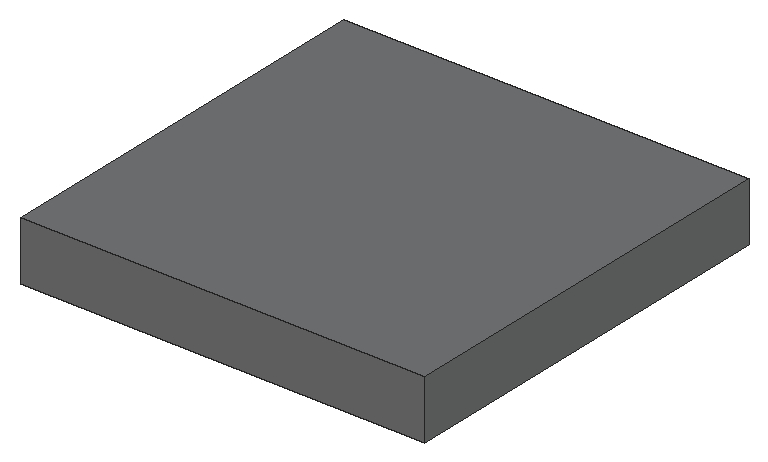
Revit family "Gira_027203", category Electrical Fixtures, host Face, Revit 2017
Family settings
  Host = Face
  Maintain Annotation Orientation = No
  Round Connector Dimension = Use Diameter
  Part Type = Normal
  Cut with Voids When Loaded = No
  Shared = No
  Room Calculation Point = No
Parameters (values of type "Cov. sup.ring devices Ø 22.5 mm System 55 p.white")
  With strain relief = "No"
  With imprint = "No"
  With hinged lid = "No"
  With dust cover = "No"
  Utilization = "Other"
  URL = "http://katalog.gira.de/en/datenblatt.html?artikelnr=027203"
  Type of fastening = "Mounting with screw"
  Transparent = "No"
  Surface protection = "Other"
  Surface finishing = "Glossy"
  Support ring = "Yes"
  Suitable for degree of protection (IP) = "IP20"
  RAL-number (akin) = "9010"
  Name = "Cov. sup.ring devices Ø 22.5 mm System 55 p.white"
  Mounting method = "Flush mounted (plaster)"
  Material quality = "Thermoplastic"
  Material = "Plastic"
  Manufacturer URL = "https://www.gira.de/"
  Manufacturer = "Gira"
  Luster terminal = "No"
  Keynote = ""
  Imprintable label = "Without indication field"
  HeinzeBIM = "https://bimportal.heinze.de/bim/cov-sup-ring-devices-22-5-mm-system-55-p-white/ce3b39d5a8f7a2b154c2d98e00cdf3a382822095"
  Halogen free = "Yes"
  HAN = "027203"
  GTIN = "4010337272038"
  Description = "Cov.sup.r.devices D22.5mm Sys55 PW,Cover plate with support ring for the insertion of command and signal devices (diameter  22.5 mm),,pure white glossy,Notes :,- For screw mounting only.,- For push buttons, slam buttons, key buttons, non-latching buttons, illuminated buttons, and mushroom buttons, selector switches, and signal lights, e.g. from Lumitas, Rafi, Elan, or Fanal."
  Default Elevation = 1219.2 mm
  Data sheet (1) = "https://katalog.gira.de/en/download.html?artikelnr=027203"
  Colour = "White"
  Category = "Insert/cover for communication technology"
  BIM (1) = "https://media.stage.bim.site/public/gira/36a6b08/Sys55_Abdeckung_Schalten und Tasten.rfa?public/gira/36a6b08/Sys55_Abdeckung_Schalten und Tasten.rfa"
  Available = "No"
  Assembly arrangement = "Central cover plate"
  Anthrazit [instance] = Anthrazit
Reference planes
  plane 1 "Center (Front/Back)": y = 0
  plane 2: z = 0
  plane 3 "Center (Left/Right)": x = 0
Forms (mm)
  Extrusion 1, solid, material "Anthrazit" <- "Anthrazit", detail levels fine
    sketch origin (0, 0, 0) x (1, 0, 0) y (0, 1, 0)
      loop
        line (-27.5, 27.5) -> (-27.5, -27.5) -> (27.5, -27.5) -> (27.5, 27.5) -> (-27.5, 27.5)
    from 0 to 8
  Extrusion 2, void
    sketch origin (0, 0, 0) x (1, 0, 0) y (0, 1, 0)
      loop
        line (26, 26) -> (-26, 26) -> (-26, -26) -> (26, -26) -> (26, 26)
    from 0 to 6
  Extrusion 3, solid, material "Anthrazit" <- "Anthrazit", detail levels medium
    sketch origin (0, 0, 0) x (1, 0, 0) y (0, 1, 0)
      loop
        line (-27.5, 27.5) -> (-27.5, -27.5) -> (27.5, -27.5) -> (27.5, 27.5) -> (-27.5, 27.5)
    from 0 to 8
  Extrusion 4, solid, material "Anthrazit" <- "Anthrazit", detail levels medium
    sketch origin (0, 0, 0) x (1, 0, 0) y (0, 1, 0)
      loop
        line (11, -17.5) -> (11, 17.5) -> (-11, 17.5) -> (-11, -17.5) -> (11, -17.5)
    from -6 to 6
  Extrusion 5, solid, material "Anthrazit" <- "Anthrazit", detail levels fine
    sketch origin (0, 0, 0) x (1, 0, 0) y (0, 1, 0)
      loop
        line (11, 17.5) -> (-11, 17.5) -> (-11, 16.5) -> (11, 16.5) -> (11, 17.5)
      loop
        line (-11, -16.5) -> (-11, -17.5) -> (11, -17.5) -> (11, -16.5) -> (-11, -16.5)
    from -4 to 6
  Extrusion 6, solid, material "Anthrazit" <- "Anthrazit", detail levels fine
    sketch origin (0, 0, 0) x (1, 0, 0) y (0, 1, 0)
      loop
        arc (5, 9.347) -> (0, 10.6) -> (-5, 9.347) r 10.6
        line (-5, 9.347) -> (-5, -9.347)
        arc (-5, -9.347) -> (0, -10.6) -> (5, -9.347) r 10.6
        line (5, -9.347) -> (5, 9.347)
    from -6 to 6
  Extrusion 7, solid, material "Anthrazit" <- "Anthrazit", detail levels coarse
    sketch origin (0, 0, 0) x (1, 0, 0) y (0, 1, 0)
      loop
        line (-27.5, 27.5) -> (-27.5, -27.5) -> (27.5, -27.5) -> (27.5, 27.5) -> (-27.5, 27.5)
    from -6 to 8
Cuts and joins
  Extrusion 2 cuts Extrusion 1
Dimensions and locks
  aligned and locked: plane 2 to host face
  aligned and locked: level to host face
